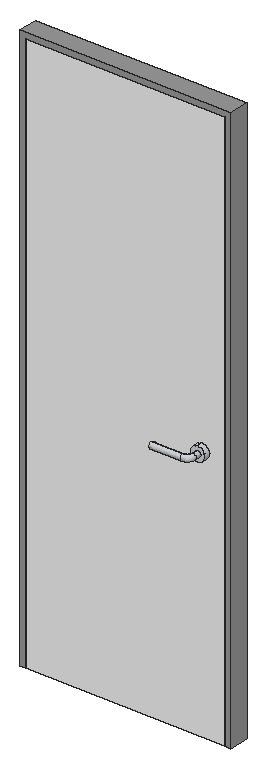
Revit family "- Acero Trinidad", category Doors, host Wall, Revit 2018
Family settings
  Host = Wall
  OmniClass Number = 23.30.10.00
  OmniClass Title = Doors
  Always vertical = Yes
  Cut with Voids When Loaded = No
  Shared = No
  Room Calculation Point = No
Parameters (values of type "- 70 x 200 cm")
  Set de Marcos = ""
  Relleno = ""
  Material Marco = - Perfil Aluminio
  Material Hoja = - Acero
  Manilla = - Manilla
  Hojas = "Simple de Abatir"
  Function = Interior
  Frame Projection Ext. = 2.50 cm
  Frame Projection Int. = 2.50 cm
  Frame Width = 7.50 cm
  Height = 200.00 cm
  Wall Closure = By host
  Width = 74.00 cm
  Distancia a Cara Interior = 6.00 cm
  Bisagras = ""
  Ancho Hoja = Width - 4.00 cm  # 70.00 cm
  Ancho = Width  # 74.00 cm
  Analytic Construction = "<None>"
  Alto = Height  # 200.00 cm
Types (12, lengths in cm): name | Height | Width | Ancho Hoja | Ancho | Alto
  - 70 x 200 cm | 200.00 | 74.00 | 70.00 | 74.00 | 200.00
  - 75 x 200 cm | 200.00 | 79.00 | 75.00 | 79.00 | 200.00
  - 80 x 200 cm | 200.00 | 84.00 | 80.00 | 84.00 | 200.00
  - 85 x 200 cm | 200.00 | 89.00 | 85.00 | 89.00 | 200.00
  - 90 x 200 cm | 200.00 | 94.00 | 90.00 | 94.00 | 200.00
  -100 x 200 cm | 200.00 | 104.00 | 100.00 | 104.00 | 200.00
  - 70 x 210 cm | 210.00 | 74.00 | 70.00 | 74.00 | 210.00
  - 75 x 210 cm | 210.00 | 79.00 | 75.00 | 79.00 | 210.00
  - 80 x 210 cm | 210.00 | 84.00 | 80.00 | 84.00 | 210.00
  - 85 x 210 cm | 210.00 | 89.00 | 85.00 | 89.00 | 210.00
  - 90 x 210 cm | 210.00 | 94.00 | 90.00 | 94.00 | 210.00
  - 100 x 210 cm | 210.00 | 104.00 | 100.00 | 104.00 | 210.00
Reference planes (cm)
  plane 1: y = 0
  plane 2 "Center (Left/Right)": x = 0
  plane 3 "Left": x = -37
  plane 4 "Right": x = 37
  plane 5: z = 200
  plane 6 "Exterior": y = 7.5
  plane 7 "Interior": y = -7.5
  plane 8: y = -1.5
  plane 9: z = 198
  plane 10: x = -35
  plane 11: x = 35
Forms (cm)
  Sweep 1, solid, material "- Perfil Aluminio" <- "Material Marco"
    path origin (0, 7.5, 0) x (1, 0, 0) y (0, 0, 1)
      loop
        line (37, 0) -> (37, 200) -> (-37, 200) -> (-37, 0)
    profile origin (37, 7.5, 100) x (-1, 0, 0) y (0, -1, 0)
      loop
        line (0, 2) -> (3, 2) -> (3, 4.3) -> (2, 4.3) -> (2, 9) -> (0, 9) -> (0, 2)
  Extrusion 2, solid, material "- Acero" <- "Material Hoja"
    sketch origin (0, 0, 0) x (1, 0, 0) y (0, 1, 0)
      loop
        line (-35, -1.5) -> (35, -1.5) -> (35, 3) -> (-35, 3) -> (-35, -1.5)
    from 0 to 198
  Sweep 3, solid, material "- Manilla" <- "Manilla", not visible
    path origin (5.8483, -7.5601, 0) x (1, 0, 0) y (0, 1, 0)
      loop
        line (22.1517, 15.0613) -> (32.1517, 15.0613)
        arc (32.1517, 15.0613) -> (33.5659, 14.4756) -> (34.1517, 13.0613) r 2
        line (34.1517, 13.0613) -> (34.1517, 11.0613)
    profile origin (33, 7.5012, 0) x (0, 1, 0) y (0, 0, 1)
      loop
        circle (0, 90) r 1
  Extrusion 4, solid, material "- Manilla" <- "Manilla", not visible
    sketch origin (0, 7.5, 0) x (1, 0, 0) y (0, 0, 1)
      loop
        circle (40, 90) r 2.5
    from 3.9988 to 5
Lines and regions (cm)
  Opening 1
    outline origin (-305, -7.5, 0) x (1, 0, 0) y (0, 0, 1)
      loop
        line (268, 0) -> (342, 0) -> (342, 200) -> (268, 200) -> (268, 0)
  symbolic lines, style "Elevation Swing"
    curve 1: line (37, -7.5, 100) -> (-37, -7.5, 200)
    curve 2: line (37, -7.5, 100) -> (-37, -7.5, 0)
    curve 7: arc (-30.5, -71.5, 0) -> (16.4246, -49.6941, 0) -> (35.2596, -1.5001, 0) r 69.4706
  symbolic lines
    curve 3: line (-35, -1.5, 0) -> (-35, -71.5, 0)
    curve 4: line (-30.5, -1.5, 0) -> (-35, -1.5, 0)
    curve 5: line (-30.5, -71.5, 0) -> (-30.5, -1.5, 0)
    curve 6: line (-35, -71.5, 0) -> (-30.5, -71.5, 0)
  model lines, not visible
    curve 8: line (-20, 3, 25) -> (20, 3, 25)
    curve 9: line (-20, 3, 65) -> (-20, 3, 25)
    curve 10: line (20, 3, 65) -> (8.6603, 3, 65)
    curve 11: line (20, 3, 25) -> (20, 3, 65)
    curve 12: line (-20, 3, 75) -> (-8.6603, 3, 75)
    curve 13: line (-20, 3, 75) -> (-20, 3, 169.9666)
    curve 14: line (20, 3, 75) -> (20, 3, 169.9666)
    curve 15: arc (-8.6603, 3, 65) -> (0, 3, 60) -> (8.6603, 3, 65) r 10
    curve 16: line (8.6603, 3, 75) -> (20, 3, 75)
    curve 17: line (-8.6603, 3, 65) -> (-20, 3, 65)
    curve 18: arc (8.6603, 3, 75) -> (0, 3, 80) -> (-8.6603, 3, 75) r 10
    curve 19: arc (14.9666, 3, 175) -> (0, 3, 183) -> (-14.9666, 3, 175) r 18
    curve 20: arc (-20, 3, 169.9666) -> (-16.4409, 3, 171.4409) -> (-14.9666, 3, 175) r 5.0334
    curve 21: arc (14.9666, 3, 175) -> (16.4409, 3, 171.4409) -> (20, 3, 169.9666) r 5.0334
    curve 22: line (-9.2195, 3, 64) -> (-19, 3, 64)
    curve 23: line (-19, 3, 64) -> (-19, 3, 26)
    curve 24: arc (9.2195, 3, 64) -> (0, 3, 59) -> (-9.2195, 3, 64) r 11
    curve 25: line (19, 3, 64) -> (9.2195, 3, 64)
    curve 26: line (19, 3, 26) -> (19, 3, 64)
    curve 27: line (-19, 3, 26) -> (19, 3, 26)
    curve 28: line (-18.9928, 3, 168.9932) -> (-18.9928, 3, 76)
    curve 29: arc (-13.9941, 3, 174.9045) -> (-15.4113, 3, 171.0338) -> (-18.9928, 3, 168.9932) r 5.9946
    curve 30: arc (13.9971, 3, 174.7848) -> (0.0327, 3, 182.1538) -> (-13.9941, 3, 174.9045) r 17.0542
    curve 31: arc (19, 3, 169.1276) -> (15.4988, 3, 171.072) -> (13.9971, 3, 174.7848) r 6.0089
    curve 32: line (19, 3, 76) -> (19, 3, 169.1276)
    curve 33: line (9.2195, 3, 76) -> (19, 3, 76)
    curve 34: arc (-9.2195, 3, 76) -> (0, 3, 81) -> (9.2195, 3, 76) r 11
    curve 35: line (-18.9928, 3, 76) -> (-9.2195, 3, 76)
    curve 36: arc (12.052, 3, 174.0667) -> (0.0498, 3, 180.1537) -> (-12.0243, 3, 174.2107) r 15.0542
    curve 37: arc (-12.0243, 3, 174.2107) -> (-13.561, 3, 170.1508) -> (-16.9928, 3, 167.4925) r 7.9946
    curve 38: line (-16.9928, 3, 167.4925) -> (-16.9928, 3, 78)
    curve 39: line (17, 3, 78) -> (17, 3, 167.6269)
    curve 40: arc (17, 3, 167.6269) -> (13.6492, 3, 170.1731) -> (12.052, 3, 174.0667) r 8.0089
    curve 41: line (-16.9928, 3, 78) -> (-10.247, 3, 78)
    curve 42: arc (-10.247, 3, 78) -> (0, 3, 83) -> (10.247, 3, 78) r 13
    curve 43: line (10.247, 3, 78) -> (17, 3, 78)
    curve 44: line (-10.247, 3, 62) -> (-17, 3, 62)
    curve 45: arc (10.247, 3, 62) -> (0, 3, 57) -> (-10.247, 3, 62) r 13
    curve 46: line (17, 3, 62) -> (10.247, 3, 62)
    curve 47: line (17, 3, 28) -> (17, 3, 62)
    curve 48: line (-17, 3, 28) -> (17, 3, 28)
    curve 49: line (-17, 3, 62) -> (-17, 3, 28)
    curve 50: line (-314, -1.5, 25) -> (-274, -1.5, 25)
    curve 51: line (-314, -1.5, 65) -> (-314, -1.5, 25)
    curve 52: line (-274, -1.5, 25) -> (-274, -1.5, 65)
    curve 53: line (-314, -1.5, 70) -> (-274, -1.5, 70)
    curve 54: line (-314, -1.5, 70) -> (-314, -1.5, 87)
    curve 55: line (-274, -1.5, 70) -> (-274, -1.5, 87)
    curve 56: line (-274, -1.5, 65) -> (-314, -1.5, 65)
    curve 57: line (-275, -1.5, 64) -> (-313, -1.5, 64)
    curve 58: line (-313, -1.5, 64) -> (-313, -1.5, 26)
    curve 59: line (-275, -1.5, 26) -> (-275, -1.5, 64)
    curve 60: line (-313, -1.5, 26) -> (-275, -1.5, 26)
    curve 61: line (-312.9928, -1.5, 86) -> (-312.9928, -1.5, 71)
    curve 62: line (-275, -1.5, 71) -> (-275, -1.5, 86)
    curve 63: line (-312.9928, -1.5, 71) -> (-275, -1.5, 71)
    curve 64: line (-310.9928, -1.5, 84) -> (-310.9928, -1.5, 73)
    curve 65: line (-277, -1.5, 73) -> (-277, -1.5, 84)
    curve 66: line (-310.9928, -1.5, 73) -> (-277, -1.5, 73)
    curve 67: line (-277, -1.5, 62) -> (-311, -1.5, 62)
    curve 68: line (-277, -1.5, 28) -> (-277, -1.5, 62)
    curve 69: line (-311, -1.5, 28) -> (-277, -1.5, 28)
    curve 70: line (-311, -1.5, 62) -> (-311, -1.5, 28)
    curve 71: line (-310.9928, -1.5, 84) -> (-277, -1.5, 84)
    curve 72: line (-314, -1.5, 87) -> (-274, -1.5, 87)
    curve 73: line (-312.9928, -1.5, 86) -> (-275, -1.5, 86)
    curve 74: line (-310.9928, -1.5, 84) -> (-277, -1.5, 84)
    curve 75: line (-314, -1.5, 97) -> (-274, -1.5, 97)
    curve 76: line (-314, -1.5, 185) -> (-314, -1.5, 97)
    curve 77: line (-274, -1.5, 97) -> (-274, -1.5, 185)
    curve 78: line (-274, -1.5, 185) -> (-314, -1.5, 185)
    curve 79: line (-275, -1.5, 184) -> (-313, -1.5, 184)
    curve 80: line (-313, -1.5, 184) -> (-313, -1.5, 98)
    curve 81: line (-275, -1.5, 98) -> (-275, -1.5, 184)
    curve 82: line (-313, -1.5, 98) -> (-275, -1.5, 98)
    curve 83: line (-277, -1.5, 182) -> (-311, -1.5, 182)
    curve 84: line (-277, -1.5, 100) -> (-277, -1.5, 182)
    curve 85: line (-311, -1.5, 100) -> (-277, -1.5, 100)
    curve 86: line (-311, -1.5, 182) -> (-311, -1.5, 100)
    curve 87: line (-320, 3, 25) -> (-280, 3, 25)
    curve 88: line (-320, 3, 65) -> (-320, 3, 25)
    curve 89: line (-280, 3, 25) -> (-280, 3, 65)
    curve 90: line (-320, 3, 72.5) -> (-280, 3, 72.5)
    curve 91: line (-280, 3, 65) -> (-320, 3, 65)
    curve 92: line (-281, 3, 64) -> (-319, 3, 64)
    curve 93: line (-319, 3, 64) -> (-319, 3, 26)
    curve 94: line (-281, 3, 26) -> (-281, 3, 64)
    curve 95: line (-319, 3, 26) -> (-281, 3, 26)
    curve 96: line (-319, 3, 73.5) -> (-281, 3, 73.5)
    curve 97: line (-317, 3, 75.5) -> (-283, 3, 75.5)
    curve 98: line (-283, 3, 62) -> (-317, 3, 62)
    curve 99: line (-283, 3, 28) -> (-283, 3, 62)
    curve 100: line (-317, 3, 28) -> (-283, 3, 28)
    curve 101: line (-317, 3, 62) -> (-317, 3, 28)
    curve 102: line (-320, 3, 179.3431) -> (-320, 3, 72.5)
    curve 103: line (-280, 3, 72.5) -> (-280, 3, 179.3431)
    curve 104: line (-319, 3, 178.3431) -> (-319, 3, 73.5)
    curve 105: line (-281, 3, 73.5) -> (-281, 3, 178.3431)
    curve 106: line (-283, 3, 75.5) -> (-283, 3, 176.3431)
    curve 107: line (-317, 3, 176.3431) -> (-317, 3, 75.5)
    curve 108: arc (-292, 3, 181) -> (-300, 3, 185) -> (-308, 3, 181) r 10
    curve 109: arc (-292, 3, 181) -> (-290.1648, 3, 179.7737) -> (-288, 3, 179.3431) r 5.6569
    curve 110: arc (-308, 3, 181) -> (-309.8352, 3, 179.7737) -> (-312, 3, 179.3431) r 5.6569
    curve 111: line (-288, 3, 179.3431) -> (-280, 3, 179.3431)
    curve 112: line (-312, 3, 179.3431) -> (-320, 3, 179.3431)
    curve 113: line (-281, 3, 178.3431) -> (-288, 3, 178.3431)
    curve 114: arc (-288, 3, 178.3431) -> (-290.5825, 3, 178.8645) -> (-292.7604, 3, 180.3468) r 6.6569
    curve 115: arc (-292.7604, 3, 180.3468) -> (-300, 3, 184) -> (-307.2396, 3, 180.3468) r 9
    curve 116: arc (-307.2396, 3, 180.3468) -> (-309.4175, 3, 178.8645) -> (-312, 3, 178.3431) r 6.6569
    curve 117: line (-312, 3, 178.3431) -> (-319, 3, 178.3431)
    curve 118: line (-283, 3, 176.3431) -> (-288, 3, 176.3431)
    curve 119: arc (-288, 3, 176.3431) -> (-291.43, 3, 177.0516) -> (-294.2985, 3, 179.0611) r 8.6569
    curve 120: arc (-294.2985, 3, 179.0611) -> (-300, 3, 182) -> (-305.7015, 3, 179.0611) r 7
    curve 121: arc (-305.7015, 3, 179.0611) -> (-308.57, 3, 177.0516) -> (-312, 3, 176.3431) r 8.6569
    curve 122: line (-312, 3, 176.3431) -> (-317, 3, 176.3431)
    curve 123: line (302, -1.5, 25) -> (342, -1.5, 25)
    curve 124: line (302, -1.5, 65) -> (302, -1.5, 25)
    curve 125: line (342, -1.5, 25) -> (342, -1.5, 65)
    curve 126: line (302, -1.5, 77.5) -> (342, -1.5, 77.5)
    curve 127: line (342, -1.5, 65) -> (302, -1.5, 65)
    curve 128: line (341, -1.5, 64) -> (303, -1.5, 64)
    curve 129: line (303, -1.5, 64) -> (303, -1.5, 26)
    curve 130: line (341, -1.5, 26) -> (341, -1.5, 64)
    curve 131: line (303, -1.5, 26) -> (341, -1.5, 26)
    curve 132: line (303, -1.5, 78.5) -> (341, -1.5, 78.5)
    curve 133: line (304.9998, -1.5, 80.5) -> (339.0011, -1.5, 80.5)
    curve 134: line (339, -1.5, 62) -> (305, -1.5, 62)
    curve 135: line (339, -1.5, 28) -> (339, -1.5, 62)
    curve 136: line (305, -1.5, 28) -> (339, -1.5, 28)
    curve 137: line (305, -1.5, 62) -> (305, -1.5, 28)
    curve 138: line (302, -1.5, 185) -> (302, -1.5, 77.5)
    curve 139: line (342, -1.5, 77.5) -> (342, -1.5, 185)
    curve 140: line (303, -1.5, 184) -> (303, -1.5, 78.5)
    curve 141: line (341, -1.5, 78.5) -> (341, -1.5, 184)
    curve 142: line (339.0011, -1.5, 80.5) -> (339.0011, -1.5, 182)
    curve 143: line (304.9998, -1.5, 182) -> (304.9998, -1.5, 80.5)
    curve 144: line (306, 3, 25) -> (346, 3, 25)
    curve 145: line (306, 3, 65) -> (306, 3, 25)
    curve 146: line (346, 3, 25) -> (346, 3, 65)
    curve 147: line (306, 3, 77.5) -> (346, 3, 77.5)
    curve 148: line (346, 3, 65) -> (306, 3, 65)
    curve 149: line (345, 3, 64) -> (307, 3, 64)
    curve 150: line (307, 3, 64) -> (307, 3, 26)
    curve 151: line (345, 3, 26) -> (345, 3, 64)
    curve 152: line (307, 3, 26) -> (345, 3, 26)
    curve 153: line (307, 3, 78.5) -> (345, 3, 78.5)
    curve 154: line (308.9998, 3, 80.5) -> (343.0011, 3, 80.5)
    curve 155: line (343, 3, 62) -> (309, 3, 62)
    curve 156: line (343, 3, 28) -> (343, 3, 62)
    curve 157: line (309, 3, 28) -> (343, 3, 28)
    curve 158: line (309, 3, 62) -> (309, 3, 28)
    curve 159: line (306, 3, 185) -> (306, 3, 77.5)
    curve 160: line (346, 3, 77.5) -> (346, 3, 185)
    curve 161: line (307, 3, 184) -> (307, 3, 78.5)
    curve 162: line (345, 3, 78.5) -> (345, 3, 184)
    curve 163: line (343.0011, 3, 80.5) -> (343.0011, 3, 182)
    curve 164: line (308.9998, 3, 182) -> (308.9998, 3, 80.5)
    curve 165: line (346, 3, 185) -> (306, 3, 185)
    curve 166: line (345, 3, 184) -> (307, 3, 184)
    curve 167: line (343.0011, 3, 182) -> (308.9998, 3, 182)
    curve 168: line (302, -1.5, 185) -> (342, -1.5, 185)
    curve 169: line (341, -1.5, 184) -> (303, -1.5, 184)
    curve 170: line (339.0011, -1.5, 182) -> (304.9998, -1.5, 182)
Text (cm)
  text "Exterior" at (-229.5016, 109.9543, 0), in view "Ref. Level"
  text "Exterior" at (0, 161.538, 369.8081), in view "Left"
  text "Exterior" at (0, 103.6032, 387.4932), in view "Right"
Dimensions and locks (cm)
  equal spacing: plane 3 "Left", plane 2 "Center (Left/Right)", plane 4 "Right"
  "Width": plane 3 "Left" to plane 4 "Right"
  "Height": plane 5 to host wall
  equal spacing: host wall, curve 2, plane 5
  host wall to plane 5 = 200.00 cm
  locked: plane 6 "Exterior" to host wall at 0
  locked: plane 7 "Interior" to host wall
  "Distancia a Cara Interior": plane 7 "Interior" to plane 8
  locked: Sweep 1 sketch curve to Sweep 1 sketch curve at 7
  locked: plane 9 to plane 5 at 2
  locked: curve 3 to curve 5 at 4.5
  locked: plane 3 "Left" to plane 10 at 2
  locked: plane 11 to plane 4 "Right" at 2
  "Ancho Hoja": curve 6 to curve 4
  locked: Extrusion 2 sketch curve to Extrusion 2 sketch curve at 4.5
  locked: nested 1 to plane 4 "Right" at 10
  level to nested 1 = 90.00 cm
  locked: nested 2 to plane 4 "Right" at 10
  locked: nested 2 to level at 90
  locked: Sweep 1 sketch curve to Sweep 1 sketch curve at 2.3
  aligned and locked: plane 3 "Left" to Opening 1 sketch curve
  aligned and locked: plane 5 to Opening 1 sketch curve  (x2)
  aligned and locked: Opening 1 sketch curve to plane 4 "Right"
  aligned and locked: Opening 1 sketch curve to level
  aligned and locked: plane 5 to curve 1
  aligned and locked: plane 3 "Left" to curve 2
  aligned and locked: plane 1 to host wall
  aligned and locked: plane 3 "Left" to curve 1
  aligned and locked: plane 8 to Sweep 1 sketch curve
  aligned and locked: Extrusion 2 sketch curve to plane 8
  aligned and locked: Sweep 1 to level
  aligned and locked: plane 10 to curve 3
  aligned and locked: Sweep 3 to Extrusion 4
  aligned and locked: Extrusion 2 to plane 9
Automatic sketch dimensions
  plane 4 "Right" to curve 2 = 0.00 cm
  curve 2 to level = 0.00 cm
  plane 3 "Left" to Sweep 1 sketch curve = 0.00 cm
  plane 4 "Right" to Sweep 1 sketch curve = 0.00 cm
  Sweep 1 sketch curve to level = 0.00 cm  (x2)
  Sweep 1 sketch curve to plane 5 = 0.00 cm
  Sweep 1 sketch curve to profile plane = 0.00 cm
  Sweep 1 sketch curve to profile plane = 2.00 cm
  Sweep 1 sketch curve to Sweep 1 sketch curve = 1.00 cm
  curve 7 to plane 8 = 0.0001 cm
  curve 7 to plane 11 = 0.2596 cm
  curve 4 to plane 8 = 0.00 cm
  curve 7 to plane 10 = 0.7919 cm
  Sweep 3 sketch curve to Sweep 3 sketch curve = 10.00 cm
  Sweep 3 sketch curve to Sweep 3 sketch curve = 2.00 cm  (x2)
  Sweep 3 sketch curve to profile plane = 0.00 cm
  profile plane to Sweep 3 sketch curve = 90.00 cm
  Extrusion 2 sketch curve to plane 10 = 0.00 cm
  Extrusion 2 sketch curve to plane 11 = 0.00 cm
  curve 15 to curve 18 = 0.00 cm  (x4)
  curve 15 to curve 24 = 0.00 cm  (x4)
  curve 15 to curve 34 = 0.00 cm  (x4)
  curve 15 to curve 42 = 0.00 cm  (x4)
  curve 15 to curve 45 = 0.00 cm  (x4)
  curve 29 to curve 37 = 0.00 cm  (x4)
  curve 30 to curve 36 = 0.00 cm  (x4)
  curve 31 to curve 40 = 0.00 cm  (x4)
  curve 8 to curve 31 = 0.00 cm
  curve 21 to curve 31 = 0.00 cm
  curve 14 to curve 32 = 1.00 cm
  curve 10 to curve 26 = 1.00 cm
  curve 26 to curve 47 = 2.00 cm
  curve 32 to curve 39 = 2.00 cm
  curve 46 to curve 46 = 6.753 cm
  curve 39 to curve 43 = 6.753 cm
  curve 42 to curve 33 = 1.0274 cm
  curve 45 to curve 25 = 1.0274 cm
  curve 33 to curve 16 = 0.5593 cm
  curve 24 to curve 10 = 0.5593 cm
  curve 16 to curve 24 = 8.6603 cm
  curve 39 to curve 19 = 17.00 cm
  curve 19 to curve 36 = 0.0402 cm
  curve 15 to curve 12 = 8.6603 cm
  curve 15 to curve 17 = 8.6603 cm
  curve 15 to curve 22 = 0.5593 cm
  curve 12 to curve 35 = 0.5593 cm
  curve 22 to curve 44 = 1.0274 cm
  curve 34 to curve 41 = 1.0274 cm
  curve 41 to curve 38 = 6.7459 cm
  curve 47 to curve 48 = 34.00 cm
  curve 38 to curve 35 = 2.00 cm
  curve 44 to curve 22 = 2.00 cm
  curve 28 to curve 29 = 0.9959 cm
  curve 29 to curve 20 = 0.0113 cm
  curve 22 to curve 17 = 1.00 cm
  curve 8 to curve 26 = 1.00 cm
  curve 23 to curve 49 = 2.00 cm
  curve 48 to curve 49 = 34.00 cm
  curve 45 to curve 25 = 2.00 cm
  curve 25 to curve 10 = 1.00 cm
  curve 10 to curve 45 = 5.00 cm
  curve 10 to curve 16 = 10.00 cm
  curve 12 to curve 35 = 1.00 cm
  curve 34 to curve 41 = 2.00 cm
  curve 41 to curve 19 = 87.00 cm
  curve 19 to curve 30 = 0.0997 cm
  curve 36 to curve 38 = 2.3928 cm
  curve 19 to curve 39 = 2.6269 cm
  curve 37 to curve 28 = 1.5007 cm
  curve 39 to curve 32 = 1.5007 cm
  curve 28 to curve 13 = 0.9734 cm
  curve 31 to curve 14 = 0.839 cm
  curve 13 to curve 29 = 4.9378 cm
  curve 29 to curve 20 = 0.0955 cm
  curve 21 to curve 40 = 0.0527 cm
  curve 31 to curve 36 = 1.9451 cm
  curve 55 to curve 62 = 1.4142 cm
  curve 59 to curve 68 = 2.8284 cm
  curve 62 to curve 65 = 2.8284 cm
  curve 53 to curve 63 = 1.4142 cm
  curve 57 to curve 67 = 2.8284 cm
  curve 66 to curve 64 = 33.9928 cm
  curve 68 to curve 69 = 34.00 cm
  curve 64 to curve 63 = 2.8284 cm
  curve 67 to curve 57 = 2.8284 cm
  curve 57 to curve 56 = 1.4142 cm
  curve 50 to curve 59 = 1.4142 cm
  curve 58 to curve 70 = 2.8284 cm
  curve 69 to curve 70 = 34.00 cm  (x2)
  curve 53 to curve 63 = 1.4193 cm
  curve 65 to curve 62 = 2.8284 cm
  curve 61 to curve 54 = 1.4193 cm
  curve 18 to curve 24 = 0.00 cm  (x2)
  curve 18 to curve 34 = 0.00 cm  (x2)
  curve 18 to curve 42 = 0.00 cm  (x2)
  curve 18 to curve 45 = 0.00 cm  (x2)
  curve 24 to curve 34 = 0.00 cm  (x2)
  curve 24 to curve 42 = 0.00 cm  (x2)
  curve 24 to curve 45 = 0.00 cm  (x2)
  curve 34 to curve 42 = 0.00 cm  (x2)
  curve 34 to curve 45 = 0.00 cm  (x2)
  curve 42 to curve 45 = 0.00 cm  (x2)
  curve 72 to curve 51 = 0.00 cm
  curve 75 to curve 54 = 0.00 cm
  curve 76 to curve 79 = 1.00 cm
  curve 51 to curve 57 = 1.00 cm
  curve 53 to curve 63 = 1.0072 cm
  curve 79 to curve 86 = 2.00 cm
  curve 58 to curve 70 = 2.00 cm
  curve 61 to curve 66 = 2.00 cm
  curve 64 to curve 65 = 33.9928 cm
  curve 69 to curve 69 = 34.00 cm
  curve 85 to curve 65 = 0.00 cm
  curve 68 to curve 60 = 2.00 cm
  curve 65 to curve 63 = 2.00 cm
  curve 84 to curve 82 = 2.00 cm
  curve 62 to curve 55 = 1.00 cm
  curve 57 to curve 56 = 1.00 cm  (x2)
  curve 79 to curve 78 = 1.00 cm  (x2)
  curve 50 to curve 59 = 1.00 cm
  curve 59 to curve 68 = 2.00 cm
  curve 67 to curve 57 = 2.00 cm
  curve 52 to curve 53 = 5.00 cm
  curve 53 to curve 63 = 1.00 cm
  curve 62 to curve 66 = 2.00 cm
  curve 65 to curve 71 = 11.00 cm
  curve 65 to curve 62 = 2.00 cm
  curve 62 to curve 72 = 1.00 cm
  curve 55 to curve 75 = 10.00 cm
  curve 75 to curve 82 = 1.00 cm
  curve 81 to curve 84 = 2.00 cm
  curve 84 to curve 84 = 82.00 cm
  curve 83 to curve 79 = 2.00 cm
  curve 87 to curve 90 = 0.00 cm
  curve 103 to curve 105 = 1.00 cm
  curve 89 to curve 92 = 1.00 cm
  curve 105 to curve 106 = 2.00 cm
  curve 92 to curve 99 = 2.00 cm
  curve 98 to curve 98 = 34.00 cm
  curve 106 to curve 107 = 34.00 cm
  curve 97 to curve 96 = 2.00 cm
  curve 98 to curve 92 = 2.00 cm
  curve 96 to curve 102 = 1.00 cm
  curve 92 to curve 91 = 1.00 cm
  curve 87 to curve 94 = 1.00 cm
  curve 94 to curve 99 = 2.00 cm
  curve 100 to curve 101 = 34.00 cm
  curve 98 to curve 93 = 2.00 cm
  curve 92 to curve 89 = 1.00 cm
  curve 89 to curve 103 = 7.50 cm
  curve 90 to curve 105 = 1.00 cm
  curve 96 to curve 106 = 2.00 cm
  curve 97 to curve 107 = 100.8431 cm
  curve 106 to curve 107 = 0.00 cm
  curve 106 to curve 105 = 2.00 cm
  curve 105 to curve 103 = 1.00 cm
  curve 123 to curve 126 = 52.50 cm
  curve 139 to curve 141 = 1.4142 cm
  curve 125 to curve 128 = 1.4142 cm
  curve 141 to curve 142 = 2.8276 cm
  curve 128 to curve 135 = 2.8284 cm
  curve 134 to curve 134 = 34.00 cm
  curve 142 to curve 143 = 34.0013 cm  (x2)
  curve 133 to curve 132 = 2.8283 cm
  curve 134 to curve 128 = 2.8284 cm
  curve 132 to curve 138 = 1.4142 cm
  curve 128 to curve 127 = 1.4142 cm
  curve 123 to curve 130 = 1.4142 cm
  curve 130 to curve 135 = 2.8284 cm
  curve 136 to curve 137 = 34.00 cm  (x2)
  curve 134 to curve 129 = 2.8284 cm
  curve 128 to curve 125 = 1.4142 cm
  curve 125 to curve 139 = 12.50 cm
  curve 126 to curve 141 = 1.4142 cm
  curve 132 to curve 142 = 2.8276 cm
  curve 133 to curve 143 = 101.50 cm
  curve 142 to curve 141 = 2.8276 cm
  curve 143 to curve 140 = 2.8283 cm
  curve 141 to curve 139 = 1.4142 cm
  curve 140 to curve 138 = 1.4142 cm
  curve 108 to curve 115 = 0.00 cm  (x4)
  curve 108 to curve 120 = 0.00 cm  (x4)
  curve 109 to curve 114 = 0.00 cm  (x3)
  curve 109 to curve 119 = 0.00 cm  (x4)
  curve 110 to curve 116 = 0.00 cm  (x3)
  curve 110 to curve 121 = 0.00 cm  (x3)
  curve 114 to curve 119 = 0.00 cm  (x3)
  curve 116 to curve 121 = 0.00 cm  (x4)
  curve 106 to curve 111 = 5.00 cm
  curve 118 to curve 115 = 12.00 cm
  curve 110 to curve 104 = 7.00 cm
  curve 115 to curve 106 = 1.3431 cm
  curve 122 to curve 117 = 2.00 cm
  curve 117 to curve 112 = 1.00 cm
  curve 110 to curve 121 = 5.6569 cm
  curve 111 to curve 109 = 5.6569 cm
  curve 109 to curve 109 = 4.00 cm
  curve 108 to curve 115 = 0.7604 cm
  curve 115 to curve 119 = 1.5381 cm
  curve 115 to curve 120 = 0.00 cm  (x2)
  curve 144 to curve 147 = 52.50 cm
  curve 160 to curve 162 = 1.4142 cm
  curve 146 to curve 149 = 1.4142 cm
  curve 162 to curve 163 = 2.8276 cm
  curve 149 to curve 156 = 2.8284 cm
  curve 155 to curve 155 = 34.00 cm  (x2)
  curve 163 to curve 164 = 34.0013 cm  (x3)
  curve 154 to curve 153 = 2.8283 cm
  curve 155 to curve 149 = 2.8284 cm
  curve 153 to curve 159 = 1.4142 cm
  curve 149 to curve 148 = 1.4142 cm
  curve 144 to curve 151 = 1.4142 cm  (x2)
  curve 151 to curve 156 = 2.8284 cm  (x2)
  curve 157 to curve 158 = 34.00 cm  (x3)
  curve 155 to curve 150 = 2.8284 cm  (x2)
  curve 149 to curve 146 = 1.4142 cm  (x2)
  curve 146 to curve 160 = 12.50 cm  (x3)
  curve 147 to curve 162 = 1.4142 cm
  curve 153 to curve 163 = 2.8276 cm
  curve 154 to curve 164 = 101.50 cm  (x2)
  curve 163 to curve 162 = 2.8276 cm  (x2)
  curve 164 to curve 161 = 2.8283 cm
  curve 162 to curve 160 = 1.4142 cm
  curve 161 to curve 159 = 1.4142 cm
  curve 159 to curve 145 = 120.00 cm
  curve 147 to curve 161 = 1.4142 cm
  curve 145 to curve 149 = 1.4142 cm
  curve 150 to curve 158 = 2.8284 cm
  curve 153 to curve 154 = 2.8283 cm
  curve 155 to curve 163 = 18.50 cm
  curve 156 to curve 152 = 2.8284 cm
  curve 153 to curve 160 = 1.4142 cm
  curve 151 to curve 144 = 1.4142 cm
  curve 147 to curve 153 = 1.4142 cm
  curve 153 to curve 164 = 2.8283 cm
  curve 144 to curve 147 = 0.00 cm
  curve 147 to curve 153 = 1.00 cm  (x2)
  curve 146 to curve 149 = 1.00 cm
  curve 162 to curve 163 = 1.9989 cm
  curve 149 to curve 156 = 2.00 cm
  curve 155 to curve 158 = 34.00 cm
  curve 164 to curve 161 = 1.9998 cm
  curve 155 to curve 149 = 2.00 cm
  curve 150 to curve 145 = 1.00 cm
  curve 153 to curve 147 = 1.00 cm
  curve 144 to curve 151 = 1.00 cm
  curve 151 to curve 156 = 2.00 cm
  curve 155 to curve 150 = 2.00 cm
  curve 149 to curve 148 = 1.00 cm
  curve 153 to curve 154 = 2.00 cm
  curve 164 to curve 161 = 2.00 cm
  curve 161 to curve 159 = 1.00 cm
  curve 168 to curve 124 = 0.00 cm
  curve 126 to curve 132 = 1.00 cm  (x2)
  curve 124 to curve 128 = 1.00 cm
  curve 132 to curve 143 = 1.9998 cm
  curve 129 to curve 137 = 2.00 cm
  curve 134 to curve 135 = 34.00 cm
  curve 134 to curve 133 = 0.0011 cm
  curve 134 to curve 130 = 2.00 cm  (x2)
  curve 133 to curve 132 = 1.9989 cm
  curve 141 to curve 139 = 1.00 cm
  curve 128 to curve 125 = 1.00 cm
  curve 123 to curve 130 = 1.00 cm
  curve 130 to curve 136 = 2.00 cm
  curve 128 to curve 127 = 1.00 cm
  curve 124 to curve 138 = 12.50 cm
  curve 132 to curve 143 = 2.00 cm
  curve 133 to curve 168 = 104.50 cm
  curve 142 to curve 141 = 2.00 cm
  curve 169 to curve 139 = 1.00 cm
  radius of Sweep 3 sketch curve = 1.00 cm
  radius of Extrusion 4 sketch curve = 2.50 cm
Nested families (cm)
  nested 1: "- Manilla Generica Puerta" at (27, 3, 90) x (0, 0, -1) z (0, 1, 0), type "- Manilla Generica Puerta"
  nested 2: "- Manilla Generica Puerta" at (27, -1.5, 90) x (0, 0, -1) z (0, -1, 0), type "- Manilla Generica Puerta"
Definition of nested family "- Manilla Generica Puerta"
  Parameters (values of type "- Manilla Generica Puerta")
    Manilla = none
    Default Elevation = 121.92 cm
  Reference planes (cm)
    plane 1 "Center (Front/Back)": y = 0
    plane 2: z = 0
    plane 3 "Center (Left/Right)": x = 0
    plane 4: z = 2
  Forms (cm)
    Extrusion 1, solid
      sketch origin (0, 0, 0) x (1, 0, 0) y (0, 1, 0)
        loop
          line (-121.92, 121.92) -> (-121.92, -121.92) -> (121.92, -121.92) -> (121.92, 121.92) -> (-121.92, 121.92)
      from 0 to -30.48
    Extrusion 2, solid, material <- "Manilla"
      sketch origin (0, 0, 0) x (1, 0, 0) y (0, 1, 0)
        loop
          circle (0, 0) r 2.5
      from 0 to 2
    Sweep 3, solid, material <- "Manilla"
      path origin (0, 0, 0) x (0, 1, 0) y (0, 0, 1)
        loop
          line (0, 2) -> (0, 4)
          arc (0, 4) -> (0.5858, 5.4142) -> (2, 6) r 2
          line (2, 6) -> (13, 6)
      profile origin (0, 0, 3) x (0, -1, 0) y (1, 0, 0)
        loop
          circle (0, 0) r 1
  Dimensions and locks (cm)
    locked: Extrusion 2 to Extrusion 2 at 2
    locked: plane 4 to level at 2
    aligned and locked: plane 2 to Extrusion 1
    aligned and locked: level to Extrusion 1
    aligned and locked: plane 4 to Sweep 3
